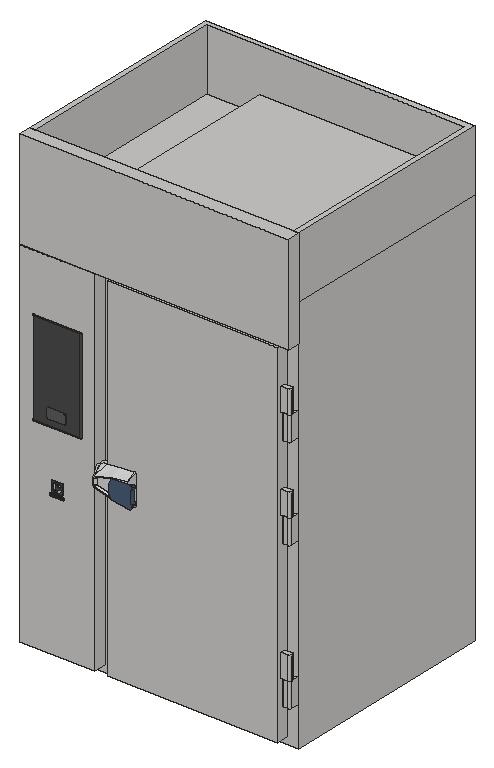
Revit family "QF_ELECTROLUXPROFESSIONAL_727756_EBFA22DE", category Specialty Equipment, Revit 2018
Family settings
  Round Connector Dimension = Use Diameter
  Part Type = Normal
  Work Plane-Based = No
  Always vertical = Yes
  Cut with Voids When Loaded = No
  Shared = Yes
  Room Calculation Point = No
Parameters
  Weight = 0.00 kg
  Watts = 0 W
  Volts = 380 V
  URL Manufacturer = "http://professional.electrolux.com"
  URL = "http://professional.electrolux.com"
  Steam Supply Size = 0"
  Steam Supply Minimum Pressure = 0.00 psi
  Steam Supply Maximum Pressure = 0.00 psi
  Steam Pounds per Hour = 0
  Show Logo [instance] = yes
  Refrigeration Suction Line Size = 0"
  Refrigeration Liquid Line Size = 0"
  Refrigerant Compressor Remote = yes
  Phase = 3
  Model = "EBFA22DE"
  Manufacturer = "Electrolux"
  Length Actual = 1400 mm  # constant formula
  Item Number = "727756"
  Hot Water Size = 1"
  Height Actual = 2470 mm  # constant formula
  HP = "14.9 HP"
  Gas Size = 0"
  Gas KW = 0
  Gas Input Pressure = 0.0 Btu/h
  Direct Waste Size = 3/4"
  Description = "SKYLINE CHILLS BLAST CHILLER FREEZER 200/170KG 20 GN 2/1 - ROLL-IN - DISASSEMBLED"
  Depth Actual = 1266 mm  # constant formula
  Cycle = 50 Hz
  Condensate Return Size = 0"
  Compressed Air Volume = 0 GPM
  Compressed Air Size = 0"
  Compressed Air Pressure = 0.00 psi
  Cold Water Size = 1"
  Assembly Code = ""
  Show Clearance [instance] = yes
  Accessory = yes
Reference planes
  plane 1 "BACK": y = 1
  plane 2: z = 0
  plane 3 "LEFT": x = 0
  plane 4 "RIGHT": x = 1400
  plane 5 "FRONT": y = -1205
  plane 6 "TOP": z = 2400
  plane 7 "Center Y": x = 700
  plane 8: y = -2155
  plane 9: y = -602
Forms (mm)
  Extrusion 1, solid, material "QF_Clearance", visible <- "Show Clearance", detail levels coarse
    sketch origin (0, 0, -70) x (1, 0, 0) y (0, 1, 0)
      loop
        line (0, -1205) -> (0, 1) -> (1400, 1) -> (1400, -1205) -> (1500, -1205) -> (1500, 101) -> (-100, 101) -> (-100, -1205) -> (0, -1205)
    from 70 to 2670
  Extrusion 2, solid, material "QF_Finishes_Stainless Steel"
    sketch origin (349.253, 33, 630.991) x (-1, 0, 0) y (0, -1, 0)
      loop
        line (349.253, 1172.759) -> (349.253, 1238) -> (-39.747, 1238) -> (-39.747, 1172.759) -> (349.253, 1172.759)
    from -597 to 1254
  Extrusion 3, solid, material "QF_Finishes_Stainless Steel"
    sketch origin (596.16, 27.971, -70) x (1, 0, 0) y (0, 1, 0)
      loop
        line (743.84, -1172.971) -> (-141.16, -1172.971) -> (-141.16, -1232.971) -> (743.84, -1232.971) -> (743.84, -1172.971)
    from 103.991 to 1945.25
  Extrusion 4, solid, material "QF_Door-Drawer Clearances", visible <- "Show Clearance", detail levels coarse
    sketch origin (875, -72.029, -91.802) x (-1, 0, 0) y (0, -1, 0)
      loop
        line (-465, 2025.971) -> (-465, 1132.971) -> (420, 1132.971)
        arc (420, 1132.971) -> (153.836, 1754.227) -> (-465, 2025.971) r 920
    from 125.793 to 1967.052
  Extrusion 5, solid, material "QF_Finishes_Stainless Steel"
    sketch origin (0, -1139.759, 0) x (0, 1, 0) y (-1, 0, 0)
      loop
        line (1140.759, 0) -> (0.759, 0) -> (0.759, -1400) -> (1140.759, -1400) -> (1140.759, 0)
    from 0 to 2080
  Extrusion 6, solid, material "QF_Finishes_Stainless Steel"
    sketch origin (0, 0, -70) x (0, 1, 0) y (0, 0, 1)
      loop
        line (-1139, 2470) -> (-1205, 2470) -> (-1205, 1956) -> (-1139, 1956) -> (-1139, 2470)
    from 0 to 1400
  Extrusion 7, solid, material "QF_Finishes_Stainless Steel"
    sketch origin (0, -1139.759, 2080) x (0, 1, 0) y (-1, 0, 0)
      loop
        line (1140.759, 0) -> (0.759, 0) -> (0.759, -27.807) -> (1112.952, -27.807) -> (1112.952, -1372.193) -> (0.759, -1372.193) -> (0.759, -1400) -> (1140.759, -1400) -> (1140.759, 0)
    from 0 to 320
  Extrusion 8, solid, material "QF_Clearance", visible <- "Show Clearance", detail levels coarse
    sketch origin (0, 0, 2400) x (-1, 0, 0) y (0, -1, 0)
      loop
        line (0, 1205) -> (-1400, 1205) -> (-1400, -1) -> (0, -1) -> (0, 1205)
    from 0 to 200
  Extrusion 9, solid, material "QF_Finishes_Stainless Steel"
    sketch origin (-390.239, -0.977, 1172.559) x (1, 0, 0) y (0, 1, 0)
      loop
        line (1730.239, -1159.557) -> (1730.239, -1186.759) -> (1771.078, -1186.759)
        arc (1771.078, -1186.759) -> (1778.149, -1183.83) -> (1781.078, -1176.759) r 10
        line (1781.078, -1176.759) -> (1781.078, -1169.557)
        arc (1781.078, -1169.557) -> (1778.149, -1162.486) -> (1771.078, -1159.557) r 10
        line (1771.078, -1159.557) -> (1730.239, -1159.557)
    from 398 to 516
  Extrusion 10, solid, material "QF_Finishes_Stainless Steel"
    sketch origin (-388.989, -0.977, 1172.559) x (1, 0, 0) y (0, 1, 0)
      loop
        line (1779.828, -1138.023) -> (1738.215, -1138.023) -> (1738.215, -1176.759)
        arc (1738.215, -1176.759) -> (1741.143, -1183.83) -> (1748.215, -1186.759) r 10
        line (1748.215, -1186.759) -> (1769.828, -1186.759)
        arc (1769.828, -1186.759) -> (1776.899, -1183.83) -> (1779.828, -1176.759) r 10
        line (1779.828, -1176.759) -> (1779.828, -1138.023)
    from 269 to 396
  Extrusion 11, solid, material "QF_Finishes_Handrails and Railings"
    sketch origin (0, -1205, -139.705) x (-1, 0, 0) y (0, 0, 1)
      loop
        arc (-455, 1022.346) -> (-433.392, 1027.289) -> (-413, 1035.976) r 124.815
        arc (-413, 1035.976) -> (-402.037, 1046.425) -> (-398, 1061.023) r 28.412
        line (-398, 1061.023) -> (-398, 1124.287)
        arc (-398, 1124.287) -> (-402.037, 1138.885) -> (-413, 1149.334) r 28.412
        arc (-413, 1149.334) -> (-433.392, 1158.021) -> (-455, 1162.964) r 124.815
        line (-455, 1162.964) -> (-455, 1022.346)
    from 0 to 25
  Extrusion 12, solid, material "QF_Finishes_Stainless Steel"
    sketch origin (0, 1, -70) x (1, 0, 0) y (0, 0, 1)
      loop
        circle (50.191, 2279.706) r 10
    from -2 to 0
  Extrusion 13, solid
    sketch origin (0, 0, -70) x (1, 0, 0) y (0, 1, 0)
      loop
        circle (271, -895) r 12.7
    from 180 to 190
  Blend 14, solid, material "QF_Finishes_Handrails and Railings"
    base sketch origin (0, -1205, -139.705) x (1, 0, 0) y (0, 0, 1)
      loop
        arc (455, 1162.964) -> (433.392, 1158.021) -> (413, 1149.334) r 124.815
        arc (413, 1149.334) -> (402.037, 1138.885) -> (398, 1124.287) r 28.412
        line (398, 1124.287) -> (398, 1061.023)
        arc (398, 1061.023) -> (402.037, 1046.425) -> (413, 1035.976) r 28.412
        arc (413, 1035.976) -> (433.392, 1027.289) -> (455, 1022.346) r 124.815
        arc (455, 1022.346) -> (524.77, 1014.896) -> (594.859, 1011.587) r 1185.63
        arc (594.859, 1011.587) -> (600.607, 1013.879) -> (603, 1019.586) r 8
        line (603, 1019.586) -> (603, 1165.724)
        arc (603, 1165.724) -> (600.607, 1171.431) -> (594.859, 1173.723) r 8
        arc (594.859, 1173.723) -> (524.77, 1170.414) -> (455, 1162.964) r 1185.63
    top sketch origin (0, -1205, -139.705) x (1, 0, 0) y (0, 0, 1)
      loop
        line (421, 1108.337) -> (421, 1076.973)
        arc (421, 1076.973) -> (423.295, 1069.915) -> (429.302, 1065.557) r 12
        arc (429.302, 1065.557) -> (515.086, 1044.22) -> (603, 1034.974) r 636.459
        line (603, 1034.974) -> (603, 1150.336)
        arc (603, 1150.336) -> (515.086, 1141.09) -> (429.302, 1119.753) r 636.459
        arc (429.302, 1119.753) -> (423.295, 1115.395) -> (421, 1108.337) r 12
    from 0 to 50
  Blend 15, void
    base sketch origin (0, -1255, -139.705) x (-1, 0, 0) y (0, 0, 1)
      loop
        arc (-430.843, 1114.996) -> (-515.866, 1136.151) -> (-603, 1145.333) r 631.459
        line (-603, 1145.333) -> (-603, 1039.977)
        arc (-603, 1039.977) -> (-515.866, 1049.159) -> (-430.843, 1070.314) r 631.459
        arc (-430.843, 1070.314) -> (-427.339, 1072.856) -> (-426, 1076.973) r 7
        line (-426, 1076.973) -> (-426, 1108.337)
        arc (-426, 1108.337) -> (-427.339, 1112.454) -> (-430.843, 1114.996) r 7
    top sketch origin (0, -1255, -139.705) x (-1, 0, 0) y (0, 0, 1)
      loop
        arc (-432.384, 1110.24) -> (-516.647, 1131.211) -> (-603, 1140.33) r 626.459
        line (-603, 1140.33) -> (-603, 1044.98)
        arc (-603, 1044.98) -> (-516.647, 1054.099) -> (-432.384, 1075.07) r 626.459
        arc (-432.384, 1075.07) -> (-431.382, 1075.797) -> (-431, 1076.973) r 2
        line (-431, 1076.973) -> (-431, 1108.337)
        arc (-431, 1108.337) -> (-431.382, 1109.513) -> (-432.384, 1110.24) r 2
    from 0 to 10
  Blend 16, solid, material "QF_Finishes_Electrolux_Blue"
    base sketch origin (0, -1245, -139.705) x (1, 0, 0) y (0, 0, 1)
      loop
        arc (628.567, 1043.419) -> (622.014, 1092.655) -> (628.567, 1141.89) r 188.232
        arc (628.567, 1141.89) -> (627.358, 1147.991) -> (621.77, 1150.721) r 7
        arc (621.77, 1150.721) -> (572.304, 1148.509) -> (523.16, 1142.458) r 636.459
        arc (523.16, 1142.458) -> (507.711, 1092.655) -> (523.16, 1042.852) r 88
        arc (523.16, 1042.852) -> (572.304, 1036.801) -> (621.77, 1034.589) r 636.459
        arc (621.77, 1034.589) -> (627.358, 1037.319) -> (628.567, 1043.419) r 7
    top sketch origin (0, -1245, -139.705) x (1, 0, 0) y (0, 0, 1)
      loop
        arc (626.748, 1050.703) -> (622.014, 1092.655) -> (626.748, 1134.607) r 188.232
        arc (626.748, 1134.607) -> (625.775, 1138.85) -> (621.845, 1140.722) r 5
        arc (621.845, 1140.722) -> (569.023, 1138.185) -> (516.603, 1131.203) r 626.459
        arc (516.603, 1131.203) -> (507.711, 1092.655) -> (516.603, 1054.107) r 88
        arc (516.603, 1054.107) -> (569.023, 1047.124) -> (621.845, 1044.588) r 626.459
        arc (621.845, 1044.588) -> (625.775, 1046.46) -> (626.748, 1050.703) r 5
    from 20 to 0
  Extrusion 17, solid, material "QF_Finishes_Stainless Steel"
    sketch origin (-390.239, -0.977, 692.559) x (1, 0, 0) y (0, 1, 0)
      loop
        line (1730.239, -1159.557) -> (1730.239, -1186.759) -> (1771.078, -1186.759)
        arc (1771.078, -1186.759) -> (1778.149, -1183.83) -> (1781.078, -1176.759) r 10
        line (1781.078, -1176.759) -> (1781.078, -1169.557)
        arc (1781.078, -1169.557) -> (1778.149, -1162.486) -> (1771.078, -1159.557) r 10
        line (1771.078, -1159.557) -> (1730.239, -1159.557)
    from 398 to 516
  Extrusion 18, solid, material "QF_Finishes_Stainless Steel"
    sketch origin (-388.989, -0.977, 692.559) x (1, 0, 0) y (0, 1, 0)
      loop
        line (1779.828, -1138.023) -> (1738.215, -1138.023) -> (1738.215, -1176.759)
        arc (1738.215, -1176.759) -> (1741.143, -1183.83) -> (1748.215, -1186.759) r 10
        line (1748.215, -1186.759) -> (1769.828, -1186.759)
        arc (1769.828, -1186.759) -> (1776.899, -1183.83) -> (1779.828, -1176.759) r 10
        line (1779.828, -1176.759) -> (1779.828, -1138.023)
    from 269 to 396
  Extrusion 19, solid, material "QF_Finishes_Stainless Steel"
    sketch origin (-390.239, -0.977, -67.441) x (1, 0, 0) y (0, 1, 0)
      loop
        line (1730.239, -1159.557) -> (1730.239, -1186.759) -> (1771.078, -1186.759)
        arc (1771.078, -1186.759) -> (1778.149, -1183.83) -> (1781.078, -1176.759) r 10
        line (1781.078, -1176.759) -> (1781.078, -1169.557)
        arc (1781.078, -1169.557) -> (1778.149, -1162.486) -> (1771.078, -1159.557) r 10
        line (1771.078, -1159.557) -> (1730.239, -1159.557)
    from 398 to 516
  Extrusion 20, solid, material "QF_Finishes_Stainless Steel"
    sketch origin (-388.989, -0.977, -67.441) x (1, 0, 0) y (0, 1, 0)
      loop
        line (1779.828, -1138.023) -> (1738.215, -1138.023) -> (1738.215, -1176.759)
        arc (1738.215, -1176.759) -> (1741.143, -1183.83) -> (1748.215, -1186.759) r 10
        line (1748.215, -1186.759) -> (1769.828, -1186.759)
        arc (1769.828, -1186.759) -> (1776.899, -1183.83) -> (1779.828, -1176.759) r 10
        line (1779.828, -1176.759) -> (1779.828, -1138.023)
    from 269 to 396
  Extrusion 21, solid, material "QF_Door-Drawer Clearances", visible <- "Show Clearance", detail levels coarse
    sketch origin (167.029, -1956.84, -70) x (0, 1, 0) y (-1, 0, 0)
      loop
        line (751.84, -1172.971) -> (-141.16, -1172.971) -> (-141.16, -1232.971) -> (751.84, -1232.971) -> (751.84, -1172.971)
    from 103.991 to 1945.25
  Extrusion 22, solid, material "QF_Door-Drawer Clearances", visible <- "Show Clearance", detail levels coarse
    sketch origin (1400, -2553, -139.705) x (0, -1, 0) y (0, 0, 1)
      loop
        arc (-455, 1022.346) -> (-433.392, 1027.289) -> (-413, 1035.976) r 124.815
        arc (-413, 1035.976) -> (-402.037, 1046.425) -> (-398, 1061.023) r 28.412
        line (-398, 1061.023) -> (-398, 1124.287)
        arc (-398, 1124.287) -> (-402.037, 1138.885) -> (-413, 1149.334) r 28.412
        arc (-413, 1149.334) -> (-433.392, 1158.021) -> (-455, 1162.964) r 124.815
        line (-455, 1162.964) -> (-455, 1022.346)
    from 0 to 25
  Blend 23, solid, material "QF_Door-Drawer Clearances", visible <- "Show Clearance", detail levels coarse
    base sketch origin (1400, -2553, -139.705) x (0, 1, 0) y (0, 0, 1)
      loop
        arc (455, 1162.964) -> (433.392, 1158.021) -> (413, 1149.334) r 124.815
        arc (413, 1149.334) -> (402.037, 1138.885) -> (398, 1124.287) r 28.412
        line (398, 1124.287) -> (398, 1061.023)
        arc (398, 1061.023) -> (402.037, 1046.425) -> (413, 1035.976) r 28.412
        arc (413, 1035.976) -> (433.392, 1027.289) -> (455, 1022.346) r 124.815
        arc (455, 1022.346) -> (524.77, 1014.896) -> (594.859, 1011.587) r 1185.63
        arc (594.859, 1011.587) -> (600.607, 1013.879) -> (603, 1019.586) r 8
        line (603, 1019.586) -> (603, 1165.724)
        arc (603, 1165.724) -> (600.607, 1171.431) -> (594.859, 1173.723) r 8
        arc (594.859, 1173.723) -> (524.77, 1170.414) -> (455, 1162.964) r 1185.63
    top sketch origin (1400, -2553, -139.705) x (0, 1, 0) y (0, 0, 1)
      loop
        line (421, 1108.337) -> (421, 1076.973)
        arc (421, 1076.973) -> (423.295, 1069.915) -> (429.302, 1065.557) r 12
        arc (429.302, 1065.557) -> (515.086, 1044.22) -> (603, 1034.974) r 636.459
        line (603, 1034.974) -> (603, 1150.336)
        arc (603, 1150.336) -> (515.086, 1141.09) -> (429.302, 1119.753) r 636.459
        arc (429.302, 1119.753) -> (423.295, 1115.395) -> (421, 1108.337) r 12
    from 0 to 50
  Blend 24, void
    base sketch origin (1450, -2553, -139.705) x (0, -1, 0) y (0, 0, 1)
      loop
        arc (-430.843, 1114.996) -> (-515.866, 1136.151) -> (-603, 1145.333) r 631.459
        line (-603, 1145.333) -> (-603, 1039.977)
        arc (-603, 1039.977) -> (-515.866, 1049.159) -> (-430.843, 1070.314) r 631.459
        arc (-430.843, 1070.314) -> (-427.339, 1072.856) -> (-426, 1076.973) r 7
        line (-426, 1076.973) -> (-426, 1108.337)
        arc (-426, 1108.337) -> (-427.339, 1112.454) -> (-430.843, 1114.996) r 7
    top sketch origin (1450, -2553, -139.705) x (0, -1, 0) y (0, 0, 1)
      loop
        arc (-432.384, 1110.24) -> (-516.647, 1131.211) -> (-603, 1140.33) r 626.459
        line (-603, 1140.33) -> (-603, 1044.98)
        arc (-603, 1044.98) -> (-516.647, 1054.099) -> (-432.384, 1075.07) r 626.459
        arc (-432.384, 1075.07) -> (-431.382, 1075.797) -> (-431, 1076.973) r 2
        line (-431, 1076.973) -> (-431, 1108.337)
        arc (-431, 1108.337) -> (-431.382, 1109.513) -> (-432.384, 1110.24) r 2
    from 0 to 10
  Blend 25, solid, material "QF_Door-Drawer Clearances", visible <- "Show Clearance", detail levels coarse
    base sketch origin (1440, -2553, -139.705) x (0, 1, 0) y (0, 0, 1)
      loop
        arc (628.567, 1043.419) -> (622.014, 1092.655) -> (628.567, 1141.89) r 188.232
        arc (628.567, 1141.89) -> (627.358, 1147.991) -> (621.77, 1150.721) r 7
        arc (621.77, 1150.721) -> (572.304, 1148.509) -> (523.16, 1142.458) r 636.459
        arc (523.16, 1142.458) -> (507.711, 1092.655) -> (523.16, 1042.852) r 88
        arc (523.16, 1042.852) -> (572.304, 1036.801) -> (621.77, 1034.589) r 636.459
        arc (621.77, 1034.589) -> (627.358, 1037.319) -> (628.567, 1043.419) r 7
    top sketch origin (1440, -2553, -139.705) x (0, 1, 0) y (0, 0, 1)
      loop
        arc (626.748, 1050.703) -> (622.014, 1092.655) -> (626.748, 1134.607) r 188.232
        arc (626.748, 1134.607) -> (625.775, 1138.85) -> (621.845, 1140.722) r 5
        arc (621.845, 1140.722) -> (569.023, 1138.185) -> (516.603, 1131.203) r 626.459
        arc (516.603, 1131.203) -> (507.711, 1092.655) -> (516.603, 1054.107) r 88
        arc (516.603, 1054.107) -> (569.023, 1047.124) -> (621.845, 1044.588) r 626.459
        arc (621.845, 1044.588) -> (625.775, 1046.46) -> (626.748, 1050.703) r 5
    from 20 to -1
  Extrusion 26, solid, material "QF_Finishes_Stainless Steel"
    sketch origin (0, -1139.759, 2080) x (0, 1, 0) y (-1, 0, 0)
      loop
        line (1028.497, -361.186) -> (882.552, -361.186) -> (882.552, -544.235) -> (1028.497, -544.235) -> (1028.497, -361.186)
    from 0 to 50
  Extrusion 27, solid, material "QF_Finishes_Stainless Steel"
    sketch origin (0, -1139.759, 2080) x (0, 1, 0) y (-1, 0, 0)
      loop
        line (1099.749, -314.157) -> (154.819, -314.157) -> (154.819, -1281.35) -> (1099.749, -1281.35) -> (1099.749, -314.157)
    from 0 to 100
  Extrusion 28, solid, material "QF_Finishes_Stainless Steel"
    sketch origin (544.235, -111.262, 2080) x (0, -1, 0) y (0, 0, -1)
      loop
        circle (122.974, -25) r 12.5
      loop
        circle (23.998, -25) r 12.5
    from 0 to 30
Cuts and joins
  Blend 15 cuts Blend 14
  joined: Extrusion 11, Blend 14
  Blend 15 cuts Extrusion 4
  Blend 24 cuts Blend 23
  Blend 24 cuts Blend 25
  joined: Extrusion 4, Extrusion 21, Extrusion 22, Blend 23, Blend 25
  joined: Extrusion 7, Extrusion 12
  joined: Extrusion 5, Extrusion 10, Extrusion 18, Extrusion 20, Extrusion 27
  joined: Extrusion 3, Extrusion 9, Extrusion 17, Extrusion 19
  joined: Extrusion 1, Extrusion 8
  joined: Extrusion 26, Extrusion 28
Lines and regions (mm)
  symbolic lines, style "QF-Clearances", visible <- "Show Clearance", detail levels coarse
    curve 1: line (-100, -1204.241, 70) -> (-100, 101, 70)
    curve 2: line (-100, 101, 70) -> (1500, 101, 70)
    curve 3: line (1500, 101, 70) -> (1500, -1204.241, 70)
  symbolic lines
    curve 4: line (0, 1, 70) -> (1400, 1, 70)
    curve 5: line (0, -1205, 70) -> (0, 1, 70)
    curve 6: line (1400, -1205, 70) -> (0, -1205, 70)
    curve 7: line (1400, 1, 70) -> (1400, -1205, 70)
    curve 8: line (27.807, -26.807, 70) -> (1372.193, -26.807, 70)
    curve 9: line (27.807, -1139, 70) -> (27.807, -26.807, 70)
    curve 10: line (1400, -1139, 70) -> (0, -1139, 70)
    curve 11: line (1372.193, -26.807, 70) -> (1372.193, -1139, 70)
    curve 12: line (75.5, -1210, 70) -> (313.5, -1210, 70)
    curve 13: line (75.5, -1210, 70) -> (67.5, -1205, 70)
    curve 14: line (313.5, -1210, 70) -> (321.5, -1205, 70)
    curve 15: line (421, -1255, 70) -> (398, -1205, 70)
    curve 16: line (421, -1255, 70) -> (603, -1255, 70)
    curve 17: line (603, -1255, 70) -> (603, -1205, 70)
    curve 18: line (603, -1245, 70) -> (626.748, -1245, 70)
    curve 19: line (626.748, -1245, 70) -> (628.811, -1265, 70)
    curve 20: line (628.811, -1265, 70) -> (507.711, -1265, 70)
    curve 21: line (507.711, -1265, 70) -> (507.711, -1255, 70)
    curve 35: line (314.157, -40.01, 70) -> (1281.35, -40.01, 70)
    curve 36: line (314.157, -984.941, 70) -> (314.157, -40.01, 70)
    curve 37: line (1281.35, -984.941, 70) -> (314.157, -984.941, 70)
    curve 38: line (1281.35, -40.01, 70) -> (1281.35, -984.941, 70)
  symbolic lines, style "QF_Door-Drawer Clearances", visible <- "Show Clearance"
    curve 22: line (1450, -2132, 70) -> (1400, -2155, 70)
    curve 23: line (1450, -2132, 70) -> (1450, -1950, 70)
    curve 24: line (1450, -1950, 70) -> (1400, -1950, 70)
    curve 25: line (1439, -1950, 70) -> (1439, -1926.126, 70)
    curve 26: line (1439, -1926.126, 70) -> (1460, -1924.189, 70)
    curve 27: line (1460, -1924.189, 70) -> (1460, -2045.289, 70)
    curve 28: line (1460, -2045.289, 70) -> (1450, -2045.289, 70)
    curve 29: line (1375, -2098, 70) -> (1375, -2155, 70)
    curve 30: line (1340, -2098, 70) -> (1400, -2098, 70)
    curve 31: arc (457.796, -1255, 70) -> (739.031, -1843.801, 70) -> (1340, -2098, 70) r 920
    curve 32: line (1400, -2155, 70) -> (1375, -2155, 70)
    curve 33: line (1400, -2098, 70) -> (1400, -1205, 70)
    curve 34: line (1340, -2098, 70) -> (1340, -1205, 70)
  symbolic lines, style "SpecialityEquipmentHiddenLines"
    curve 39: line (361.186, -111.262, 70) -> (544.235, -111.262, 70)
    curve 40: line (361.186, -257.207, 70) -> (361.186, -111.262, 70)
    curve 41: line (544.235, -257.207, 70) -> (361.186, -257.207, 70)
    curve 42: line (544.235, -111.262, 70) -> (544.235, -257.207, 70)
    curve 43: line (574.235, -147.761, 70) -> (574.235, -122.761, 70)
    curve 44: line (574.235, -122.761, 70) -> (544.235, -122.761, 70)
    curve 45: line (574.235, -147.761, 70) -> (544.235, -147.761, 70)
    curve 46: line (574.235, -246.737, 70) -> (544.235, -246.737, 70)
    curve 47: line (574.235, -221.737, 70) -> (544.235, -221.737, 70)
    curve 48: line (574.235, -221.737, 70) -> (574.235, -246.737, 70)
Dimensions and locks
  plane 5 "FRONT" to plane 1 "BACK" = 1206 mm
  plane 6 "TOP" to level = 2400 mm
  plane 4 "RIGHT" to plane 3 "LEFT" = 1400 mm
  plane 3 "LEFT" to plane 4 "RIGHT" = 1400 mm
  equal spacing: plane 3 "LEFT", plane 7 "Center Y", plane 4 "RIGHT"
  equal spacing: plane 1 "BACK", plane 9, plane 5 "FRONT"
  aligned and locked: level to plane 2
Automatic sketch dimensions
  plane 5 "FRONT" to Extrusion 1 sketch curve = 0 mm  (x2)
  Extrusion 1 sketch curve to plane 3 "LEFT" = 0 mm
  plane 1 "BACK" to Extrusion 1 sketch curve = 0 mm
  Extrusion 1 sketch curve to plane 4 "RIGHT" = 0 mm
  Extrusion 1 sketch curve to plane 3 "LEFT" = 100 mm
  plane 4 "RIGHT" to Extrusion 1 sketch curve = 100 mm
  Extrusion 1 sketch curve to plane 1 "BACK" = 100 mm
  plane 5 "FRONT" to Extrusion 2 sketch curve = 0 mm
  Extrusion 2 sketch curve to plane 3 "LEFT" = 0 mm
  Extrusion 2 sketch curve to plane 5 "FRONT" = 65.241 mm
  plane 5 "FRONT" to Extrusion 3 sketch curve = 0 mm
  Extrusion 3 sketch curve to plane 5 "FRONT" = 60 mm
  Extrusion 3 sketch curve to plane 4 "RIGHT" = 60 mm
  plane 5 "FRONT" to Extrusion 4 sketch curve = 0 mm
  Extrusion 4 sketch curve to plane 4 "RIGHT" = 25.377 mm
  Extrusion 4 sketch curve to Extrusion 4 sketch curve = 34.623 mm
  Extrusion 4 sketch curve to plane 5 "FRONT" = 26.348 mm
  Extrusion 5 sketch curve to plane 3 "LEFT" = 0 mm
  Extrusion 5 sketch curve to plane 4 "RIGHT" = 0 mm
  plane 1 "BACK" to Extrusion 5 sketch curve = 0 mm
  Extrusion 5 sketch curve to plane 5 "FRONT" = 66 mm
  Extrusion 6 sketch curve to plane 5 "FRONT" = 0 mm
  Extrusion 6 sketch curve to plane 5 "FRONT" = 66 mm
  Extrusion 6 sketch curve to plane 6 "TOP" = 514 mm
  plane 6 "TOP" to Extrusion 6 sketch curve = 0 mm
  Extrusion 5 to Extrusion 7 sketch curve = 0 mm
  Extrusion 7 sketch curve to Extrusion 5 = 0 mm  (x4)
  Extrusion 7 sketch curve to Extrusion 5 = 27.807 mm  (x3)
  Extrusion 8 sketch curve to plane 4 "RIGHT" = 0 mm
  plane 1 "BACK" to Extrusion 8 sketch curve = 0 mm
  Extrusion 8 sketch curve to plane 3 "LEFT" = 0 mm
  plane 5 "FRONT" to Extrusion 8 sketch curve = 0 mm
  Extrusion 9 sketch curve to plane 5 "FRONT" = 17.264 mm
  Extrusion 9 sketch curve to plane 4 "RIGHT" = 60 mm
  Extrusion 9 sketch curve to plane 4 "RIGHT" = 19.161 mm
  Extrusion 9 sketch curve to Extrusion 9 sketch curve = 0 mm
  Extrusion 9 sketch curve to plane 4 "RIGHT" = 9.161 mm
  Extrusion 9 sketch curve to Extrusion 9 sketch curve = 7.202 mm
  Extrusion 10 sketch curve to plane 5 "FRONT" = 27.264 mm
  Extrusion 10 sketch curve to plane 4 "RIGHT" = 50.775 mm
  Extrusion 10 sketch curve to Extrusion 10 sketch curve = 10 mm
  Extrusion 10 sketch curve to plane 4 "RIGHT" = 19.161 mm
  Extrusion 10 sketch curve to plane 4 "RIGHT" = 9.161 mm
  Extrusion 10 sketch curve to Extrusion 10 sketch curve = 38.736 mm
  plane 7 "Center Y" to Extrusion 11 sketch curve = 228.081 mm
  Extrusion 11 sketch curve to Extrusion 11 sketch curve = 0 mm
  Extrusion 11 sketch curve to Extrusion 11 sketch curve = 16.919 mm
  Extrusion 11 sketch curve to Extrusion 11 sketch curve = 28.588 mm  (x2)
  Extrusion 11 sketch curve to Extrusion 11 sketch curve = 28.412 mm
  level to Extrusion 11 sketch curve = 882.641 mm
  Extrusion 11 sketch curve to Extrusion 11 sketch curve = 16.954 mm  (x2)
  Extrusion 11 sketch curve to Extrusion 11 sketch curve = 38.676 mm
  Extrusion 11 sketch curve to Extrusion 11 sketch curve = 63.265 mm
  Extrusion 11 sketch curve to Extrusion 11 sketch curve = 21.722 mm
  plane 3 "LEFT" to Extrusion 12 sketch curve = 50.191 mm
  Extrusion 12 sketch curve to plane 6 "TOP" = 190.294 mm
  Extrusion 13 sketch curve to plane 9 = 293 mm
  Blend 14 sketch curve to Extrusion 11 = 0 mm  (x4)
  Blend 14 sketch curve to Extrusion 11 = 28.412 mm
  Blend 14 sketch curve to Blend 14 sketch curve = 123.081 mm  (x2)
  Blend 14 sketch curve to Blend 14 sketch curve = 8 mm
  Extrusion 11 to Blend 14 sketch curve = 160.712 mm  (x2)
  Blend 14 sketch curve to Blend 14 sketch curve = 19.715 mm  (x2)
  Blend 14 sketch curve to Blend 14 sketch curve = 38.676 mm
  Blend 14 sketch curve to Extrusion 11 = 23 mm
  Blend 14 sketch curve to Blend 14 sketch curve = 12 mm  (x2)
  Extrusion 11 to Blend 14 sketch curve = 148 mm
  Extrusion 11 to Blend 14 sketch curve = 170.45 mm  (x2)
  Blend 14 sketch curve to Blend 14 sketch curve = 520.701 mm  (x2)
  Blend 14 sketch curve to Blend 14 sketch curve = 41.999 mm
  Blend 14 sketch curve to Blend 14 sketch curve = 31.364 mm
  Blend 14 sketch curve to Blend 14 sketch curve = 115.362 mm
  Blend 14 to Blend 15 sketch curve = 0 mm  (x2)
  Blend 15 sketch curve to Blend 15 sketch curve = 7 mm
  Blend 15 sketch curve to Blend 15 sketch curve = 31.364 mm  (x2)
  Blend 15 sketch curve to Blend 15 sketch curve = 2 mm
  Blend 15 to Blend 16 sketch curve = 18.811 mm  (x2)
  Blend 16 sketch curve to Blend 15 = 7.289 mm  (x2)
  Blend 16 sketch curve to Blend 16 sketch curve = 188.435 mm
  Blend 16 sketch curve to Blend 16 sketch curve = 7 mm  (x2)
  Blend 16 sketch curve to Blend 16 sketch curve = 51.066 mm  (x2)
  Blend 16 sketch curve to Blend 16 sketch curve = 0 mm  (x6)
  Blend 16 sketch curve to Blend 15 = 79.84 mm
  Blend 15 to Blend 16 sketch curve = 18.874 mm  (x2)
  Blend 16 sketch curve to Blend 16 sketch curve = 188.371 mm
  Blend 16 sketch curve to Blend 16 sketch curve = 5 mm  (x2)
  Blend 16 sketch curve to Blend 16 sketch curve = 43.067 mm  (x2)
  Blend 16 sketch curve to Blend 15 = 85.603 mm
  Extrusion 17 sketch curve to plane 5 "FRONT" = 17.264 mm
  Extrusion 17 sketch curve to plane 4 "RIGHT" = 60 mm
  Extrusion 17 sketch curve to plane 4 "RIGHT" = 19.161 mm
  Extrusion 17 sketch curve to Extrusion 17 sketch curve = 0 mm
  Extrusion 17 sketch curve to plane 4 "RIGHT" = 9.161 mm
  Extrusion 17 sketch curve to Extrusion 17 sketch curve = 7.202 mm
  Extrusion 18 sketch curve to plane 5 "FRONT" = 27.264 mm
  Extrusion 18 sketch curve to plane 4 "RIGHT" = 50.775 mm
  Extrusion 18 sketch curve to Extrusion 18 sketch curve = 10 mm
  Extrusion 18 sketch curve to plane 4 "RIGHT" = 19.161 mm
  Extrusion 18 sketch curve to plane 4 "RIGHT" = 9.161 mm
  Extrusion 18 sketch curve to Extrusion 18 sketch curve = 38.736 mm
  Extrusion 19 sketch curve to plane 5 "FRONT" = 17.264 mm
  Extrusion 19 sketch curve to plane 4 "RIGHT" = 60 mm
  Extrusion 19 sketch curve to plane 4 "RIGHT" = 19.161 mm
  Extrusion 19 sketch curve to Extrusion 19 sketch curve = 0 mm
  Extrusion 19 sketch curve to plane 4 "RIGHT" = 9.161 mm
  Extrusion 19 sketch curve to Extrusion 19 sketch curve = 7.202 mm
  Extrusion 20 sketch curve to plane 5 "FRONT" = 27.264 mm
  Extrusion 20 sketch curve to plane 4 "RIGHT" = 50.775 mm
  Extrusion 20 sketch curve to Extrusion 20 sketch curve = 10 mm
  Extrusion 20 sketch curve to plane 4 "RIGHT" = 19.161 mm
  Extrusion 20 sketch curve to plane 4 "RIGHT" = 9.161 mm
  Extrusion 20 sketch curve to Extrusion 20 sketch curve = 38.736 mm
  Extrusion 21 sketch curve to plane 4 "RIGHT" = 0 mm
  plane 5 "FRONT" to Extrusion 21 sketch curve = 0 mm
  Extrusion 21 sketch curve to plane 8 = 57 mm
  Extrusion 21 sketch curve to plane 4 "RIGHT" = 60 mm
  Extrusion 22 sketch curve to plane 8 = 0 mm
  Extrusion 22 sketch curve to Extrusion 22 sketch curve = 28.412 mm  (x2)
  Extrusion 22 sketch curve to Extrusion 22 sketch curve = 28.588 mm
  Extrusion 22 sketch curve to Extrusion 22 sketch curve = 16.919 mm  (x2)
  level to Extrusion 22 sketch curve = 882.641 mm
  Extrusion 22 sketch curve to Extrusion 22 sketch curve = 16.954 mm  (x2)
  Extrusion 22 sketch curve to Extrusion 22 sketch curve = 38.676 mm
  Extrusion 22 sketch curve to Extrusion 22 sketch curve = 63.265 mm
  Extrusion 22 sketch curve to Extrusion 22 sketch curve = 21.722 mm
  Blend 23 sketch curve to Extrusion 22 = 0 mm  (x4)
  Blend 23 sketch curve to Extrusion 22 = 28.412 mm
  Blend 23 sketch curve to Blend 23 sketch curve = 123.081 mm  (x2)
  Blend 23 sketch curve to Blend 23 sketch curve = 8 mm
  Extrusion 22 to Blend 23 sketch curve = 160.712 mm  (x2)
  Blend 23 sketch curve to Blend 23 sketch curve = 19.715 mm  (x2)
  Blend 23 sketch curve to Blend 23 sketch curve = 38.676 mm
  Blend 23 sketch curve to Extrusion 22 = 23 mm
  Blend 23 sketch curve to Blend 23 sketch curve = 12 mm  (x2)
  Extrusion 22 to Blend 23 sketch curve = 148 mm
  Extrusion 22 to Blend 23 sketch curve = 170.45 mm  (x2)
  Blend 23 sketch curve to Blend 23 sketch curve = 520.701 mm  (x2)
  Blend 23 sketch curve to Blend 23 sketch curve = 41.999 mm
  Blend 23 sketch curve to Blend 23 sketch curve = 31.364 mm
  Blend 23 sketch curve to Blend 23 sketch curve = 115.362 mm
  Blend 24 sketch curve to Blend 23 = 0 mm  (x2)
  Blend 24 sketch curve to Blend 24 sketch curve = 7 mm
  Blend 24 sketch curve to Blend 24 sketch curve = 31.364 mm  (x2)
  Blend 24 sketch curve to Blend 24 sketch curve = 2 mm
  Blend 24 to Blend 25 sketch curve = 18.811 mm  (x2)
  Blend 25 sketch curve to Blend 24 = 7.289 mm  (x2)
  Blend 25 sketch curve to Blend 25 sketch curve = 188.435 mm
  Blend 25 sketch curve to Blend 25 sketch curve = 7 mm  (x2)
  Blend 25 sketch curve to Blend 25 sketch curve = 51.066 mm  (x2)
  Blend 25 sketch curve to Blend 25 sketch curve = 0 mm  (x6)
  Blend 25 sketch curve to Blend 24 = 79.84 mm
  Blend 24 to Blend 25 sketch curve = 18.874 mm  (x2)
  Blend 25 sketch curve to Blend 25 sketch curve = 188.371 mm
  Blend 25 sketch curve to Blend 25 sketch curve = 5 mm  (x2)
  Blend 25 sketch curve to Blend 25 sketch curve = 43.067 mm  (x2)
  Blend 25 sketch curve to Blend 24 = 85.603 mm
  plane 7 "Center Y" to Extrusion 2 sketch curve = 311 mm
  plane 7 "Center Y" to Extrusion 3 sketch curve = 245 mm
  plane 7 "Center Y" to Extrusion 4 sketch curve = 245 mm
  plane 3 "LEFT" to Extrusion 13 sketch curve = 271 mm
  Extrusion 27 sketch curve to Extrusion 5 = 154.059 mm
  Extrusion 27 sketch curve to Extrusion 5 = 41.01 mm
  Extrusion 27 sketch curve to Extrusion 5 = 118.65 mm
  Extrusion 27 sketch curve to Extrusion 5 = 314.157 mm
  Extrusion 26 sketch curve to Extrusion 5 = 258.207 mm
  Extrusion 26 sketch curve to Extrusion 5 = 112.262 mm
  Extrusion 26 sketch curve to Extrusion 5 = 544.235 mm
  Extrusion 26 sketch curve to Extrusion 26 sketch curve = 183.049 mm
  Extrusion 28 sketch curve to Extrusion 26 = 23.998 mm
  Extrusion 28 sketch curve to Extrusion 26 = 22.971 mm
  Extrusion 26 to Extrusion 28 sketch curve = 25 mm  (x2)
  plane 8 to curve 29 = 0 mm
  curve 33 to plane 4 "RIGHT" = 0 mm
  plane 5 "FRONT" to curve 15 = 0 mm
  curve 10 to plane 3 "LEFT" = 0 mm
  plane 1 "BACK" to curve 7 = 0 mm
  curve 22 to plane 4 "RIGHT" = 0 mm
  curve 22 to plane 8 = 23 mm
  curve 22 to curve 33 = 57 mm
  curve 30 to curve 28 = 52.711 mm
  curve 28 to curve 24 = 95.289 mm
  plane 4 "RIGHT" to curve 26 = 39 mm
  curve 25 to curve 26 = 23.874 mm
  curve 25 to curve 27 = 1.937 mm
  plane 5 "FRONT" to curve 19 = 60 mm
  plane 5 "FRONT" to curve 15 = 50 mm
  curve 19 to curve 18 = 20 mm
  plane 5 "FRONT" to curve 12 = 5 mm
  curve 31 to plane 5 "FRONT" = 26.348 mm
  curve 31 to curve 37 = 193.711 mm
  plane 1 "BACK" to curve 41 = 258.207 mm
  curve 41 to curve 43 = 109.446 mm
  curve 43 to curve 43 = 25 mm
  plane 1 "BACK" to curve 39 = 112.262 mm
  plane 1 "BACK" to curve 36 = 41.01 mm
  plane 1 "BACK" to curve 8 = 27.807 mm
  curve 2 to plane 1 "BACK" = 100 mm
  curve 24 to curve 25 = 11 mm
  curve 26 to curve 25 = 21 mm
  plane 4 "RIGHT" to curve 2 = 100 mm
  curve 22 to curve 29 = 25 mm
  curve 31 to plane 4 "RIGHT" = 25.377 mm
  curve 8 to plane 4 "RIGHT" = 27.807 mm
  curve 29 to curve 30 = 35 mm
  curve 38 to plane 4 "RIGHT" = 118.65 mm
  plane 7 "Center Y" to curve 19 = 71.189 mm
  curve 19 to curve 18 = 2.062 mm
  curve 18 to curve 17 = 23.748 mm
  plane 7 "Center Y" to curve 43 = 125.765 mm
  curve 43 to curve 41 = 30 mm
  curve 21 to curve 31 = 49.915 mm
  curve 31 to curve 16 = 36.796 mm
  curve 41 to curve 40 = 183.049 mm
  curve 15 to curve 37 = 106.843 mm
  curve 15 to curve 14 = 107.5 mm
  plane 3 "LEFT" to curve 12 = 75.5 mm
  plane 3 "LEFT" to curve 8 = 27.807 mm
  curve 1 to plane 3 "LEFT" = 100 mm
  curve 3 to plane 5 "FRONT" = 0.759 mm
  curve 1 to plane 5 "FRONT" = 0.759 mm
  curve 9 to plane 5 "FRONT" = 66 mm
  curve 41 to curve 46 = 10.471 mm
  curve 46 to curve 48 = 25 mm
  curve 46 to curve 46 = 30 mm
  curve 15 to curve 15 = 23 mm
  curve 14 to curve 12 = 8 mm
  curve 12 to curve 13 = 8 mm
  radius of Extrusion 12 sketch curve = 10 mm
  radius of Extrusion 13 sketch curve = 12.7 mm
  radius of Blend 14 sketch curve to Extrusion 11 = 0 mm  (x3)
  radius of Blend 15 sketch curve to Blend 14 = 5 mm  (x3)
  radius of Blend 15 sketch curve to Blend 14 = 10 mm  (x3)
  radius of Blend 15 to Blend 16 sketch curve = 10 mm  (x2)
  radius of Blend 16 sketch curve to Blend 15 = 0 mm  (x2)
  radius of Blend 23 sketch curve to Extrusion 22 = 0 mm  (x3)
  radius of Blend 24 sketch curve to Blend 23 = 5 mm  (x3)
  radius of Blend 24 sketch curve to Blend 23 = 10 mm  (x3)
  radius of Blend 24 to Blend 25 sketch curve = 10 mm  (x2)
  radius of Blend 25 sketch curve to Blend 24 = 0 mm  (x2)
  radius of Extrusion 28 sketch curve = 12.5 mm  (x2)
Nested families
  nested 1: "ELX_Touch" at (194.5, -1205, 1338.103) x (1, 0, 0) z (0, -1, 0), type "ELX_Touch"
  nested 2: "ELX_Logo_S_New" at (194.5, -1205, 779.103) x (1, 0, 0) z (0, -1, 0), visible <- "Show Logo", type "ELX_Logo_S_New"
    with M QF_Finishes_Black
  nested 3: "ELX_Logo_Symbol" at (194.5, -1205, 819.103) x (1, 0, 0) z (0, -1, 0), visible <- "Show Logo", type "ELX_Logo_Symbol"
    with M QF_Finishes_Black
Connectors
  piping at (271, -895, 110), diameter 25.4
    settings: on Extrusion 13, index 5, connector inside diameter 24", connector length 0 mm, flow factor 0, pipe flow 0 GPM, pressure drop 0.00 psi, fitting loss kfactor 0, connector angle 0.00°, fixture units 0, engagement length 0 mm, angle of deflection 0.00°, flow configuration 1, flow direction 2, fitting loss method 0, system type 16, joint type 0, gender type 0, connector reference index -1, connector utility 0, adjustable connector no, is connector primary yes, connector description "Drain"
  electrical at (50.191, 3, 2209.706), driven by "Volts"
    settings: on Extrusion 12, index 6, voltage 380 V, apparent load 0 VA, apparent load phase1 0 VA, apparent load phase2 0 VA, apparent load phase3 0 VA, power factor 1, load classification "Altro", number of poles 1, system type 30, power factor state 1, is connector primary yes, connector utility no, sub classification motor no, connector description "Electrical Connection"
  piping at (574.235, -234.237, 2105), diameter 25
    settings: on cut or joined group of Extrusion 26, Extrusion 28, index 7, connector inside diameter 24", connector length 0 mm, flow factor 0, pipe flow 0 GPM, pressure drop 0.00 psi, fitting loss kfactor 0, connector angle 0.00°, fixture units 0, engagement length 0 mm, angle of deflection 0.00°, flow configuration 1, flow direction 1, fitting loss method 0, system type 7, joint type 0, gender type 0, connector reference index -1, connector utility 0, adjustable connector no, is connector primary no, connector description "Water Inlet Cooling"
  piping at (574.235, -135.261, 2105), diameter 25
    settings: on cut or joined group of Extrusion 26, Extrusion 28, index 8, connector inside diameter 24", connector length 0 mm, flow factor 0, pipe flow 0 GPM, pressure drop 0.00 psi, fitting loss kfactor 0, connector angle 0.00°, fixture units 0, engagement length 0 mm, angle of deflection 0.00°, flow configuration 1, flow direction 1, fitting loss method 0, system type 8, joint type 0, gender type 0, connector reference index -1, connector utility 0, adjustable connector no, is connector primary no, connector description "Water Outlet Cooling"
Definition of nested family "ELX_Touch"
  Parameters
    Default Elevation = 1219.2 mm
  Reference planes
    plane 1 "Centro (Fronte/Retro)": y = 0
    plane 2: z = 0
    plane 3 "Centro (Sinistra/Destra)": x = 0
  Forms (mm)
    Extrusion 1, solid
      sketch origin (0, 0, 0) x (1, 0, 0) y (0, 1, 0)
        loop
          line (-1219.2, 1219.2) -> (-1219.2, -1219.2) -> (1219.2, -1219.2) -> (1219.2, 1219.2) -> (-1219.2, 1219.2)
      from 0 to -304.8
    Extrusion 2, solid
      sketch origin (0, 0, 5) x (1, 0, 0) y (0, 1, 0)
        loop
          line (-47, -160) -> (-47, -202)
          arc (-47, -202) -> (-45.536, -205.535) -> (-42, -207) r 5
          line (-42, -207) -> (42, -207)
          arc (42, -207) -> (45.536, -205.535) -> (47, -202) r 5
          line (47, -202) -> (47, -160)
          arc (47, -160) -> (45.536, -156.465) -> (42, -155) r 5
          line (42, -155) -> (-42, -155)
          arc (-42, -155) -> (-45.536, -156.465) -> (-47, -160) r 5
      from 0 to 2
    Blend 3, solid
      base sketch origin (0, 0, 0) x (1, 0, 0) y (0, 1, 0)
        loop
          line (-127, 244) -> (-127, -244)
          arc (-127, -244) -> (-125.536, -247.536) -> (-122, -249) r 5
          line (-122, -249) -> (122, -249)
          arc (122, -249) -> (125.536, -247.536) -> (127, -244) r 5
          line (127, -244) -> (127, 244)
          arc (127, 244) -> (125.536, 247.536) -> (122, 249) r 5
          line (122, 249) -> (-122, 249)
          arc (-122, 249) -> (-125.536, 247.536) -> (-127, 244) r 5
      top sketch origin (0, 0, 0) x (1, 0, 0) y (0, 1, 0)
        loop
          line (-119, -241) -> (119, -241) -> (119, 241) -> (-119, 241) -> (-119, -241)
      from 0 to 5
  Lines and regions (mm)
    Split face 1
      outline origin (0, 0, 5) x (1, 0, 0) y (0, 1, 0)
        loop
          line (-70.506, 46.167) -> (70.506, 46.167) -> (70.506, 214.829) -> (-70.506, 214.829) -> (-70.506, 46.167)
    Split face 2
      outline origin (0, 0, 5) x (1, 0, 0) y (0, 1, 0)
        loop
          line (-47.467, 50.825) -> (47.467, 50.825) -> (47.467, 210.171) -> (-47.467, 210.171) -> (-47.467, 50.825)
    Split face 3
      outline origin (0, 0, 5) x (1, 0, 0) y (0, 1, 0)
        loop
          line (-70.521, -215.33) -> (70.521, -215.33) -> (70.521, -146.67) -> (-70.521, -146.67) -> (-70.521, -215.33)
    Split face 4
      outline origin (0, 0, 5) x (1, 0, 0) y (0, 1, 0)
        loop
          line (-119, 201.163) -> (-70.506, 201.163)
        loop
          line (70.506, 201.163) -> (119, 201.163)
        loop
          line (70.521, -200.849) -> (119, -200.849)
        loop
          line (-119, -200.849) -> (-70.521, -200.849)
  Dimensions and locks
    aligned and locked: plane 2 to Extrusion 1
    aligned and locked: level to Extrusion 1
Definition of nested family "ELX_Logo_S_New"
  Parameters
    Default Elevation = 0 mm
    M [instance] = none
  Reference planes
    plane 1 "Centro (Fronte/Retro)": y = 0
    plane 2: z = 0
    plane 3 "Centro (Sinistra/Destra)": x = 0
  Forms (mm)
    Extrusion 1, solid
      sketch origin (0, 0, 0) x (1, 0, 0) y (0, 1, 0)
        loop
          line (-1219.2, 1219.2) -> (-1219.2, -1219.2) -> (1219.2, -1219.2) -> (1219.2, 1219.2) -> (-1219.2, 1219.2)
      from 0 to -304.8
    Extrusion 2, solid, material <- "M"
      sketch origin (0, 0, 0) x (1, 0, 0) y (0, 1, 0)
        loop
          spline (-32.537, -4.135) -> (-32.702, -4.128) -> (-32.877, -4.105) -> (-33.059, -4.064) -> (-33.242, -4.002) -> (-33.422, -3.916) -> (-33.593, -3.803) -> (-33.751, -3.66) -> (-33.891, -3.486) -> (-34.008, -3.276) -> (-34.098, -3.029) -> (-34.155, -2.741) -> (-34.176, -2.41)
          line (-34.176, -2.41) -> (-34.176, -0.943) -> (-29.331, -0.943) -> (-29.331, 0.928) -> (-34.176, 0.928) -> (-34.176, 3.652) -> (-29.023, 3.652) -> (-29.023, 5.518) -> (-36.159, 5.518) -> (-36.159, -2.326)
          spline (-36.159, -2.326) -> (-36.142, -2.808) -> (-36.088, -3.263) -> (-35.996, -3.688) -> (-35.867, -4.083) -> (-35.698, -4.445) -> (-35.489, -4.773) -> (-35.239, -5.066) -> (-34.946, -5.322) -> (-34.61, -5.539) -> (-34.23, -5.716) -> (-33.804, -5.851) -> (-33.332, -5.943)
          line (-33.332, -5.943) -> (-32.554, -5.999) -> (-28.885, -5.999) -> (-28.885, -4.135) -> (-32.537, -4.135)
        loop
          line (-27.476, 0.076) -> (-27.476, -6.002) -> (-25.492, -6.002) -> (-25.492, 5.521) -> (-27.476, 5.521) -> (-27.476, 0.076)
        loop
          spline (-15.702, -2.321) -> (-15.689, -1.697) -> (-15.749, -1.094) -> (-15.879, -0.516) -> (-16.078, 0.029) -> (-16.341, 0.538) -> (-16.668, 1.004) -> (-17.055, 1.422) -> (-17.5, 1.786) -> (-17.999, 2.091) -> (-18.552, 2.331) -> (-19.154, 2.5) -> (-19.804, 2.594)
          spline (-19.804, 2.594) -> (-20.422, 2.558) -> (-21.009, 2.453) -> (-21.56, 2.28) -> (-22.072, 2.042) -> (-22.54, 1.743) -> (-22.96, 1.385) -> (-23.327, 0.97) -> (-23.638, 0.502) -> (-23.887, -0.018) -> (-24.07, -0.586) -> (-24.183, -1.2) -> (-24.222, -1.857)
          spline (-24.222, -1.857) -> (-24.184, -2.498) -> (-24.074, -3.097) -> (-23.895, -3.652) -> (-23.651, -4.16) -> (-23.344, -4.618) -> (-22.979, -5.023) -> (-22.559, -5.374) -> (-22.087, -5.667) -> (-21.567, -5.899) -> (-21.003, -6.068) -> (-20.397, -6.172) -> (-19.754, -6.207)
          spline (-19.754, -6.207) -> (-19.44, -6.2) -> (-19.13, -6.176) -> (-18.823, -6.135) -> (-18.52, -6.074) -> (-18.221, -5.993) -> (-17.925, -5.89) -> (-17.634, -5.762) -> (-17.346, -5.609) -> (-17.062, -5.43) -> (-16.782, -5.221) -> (-16.506, -4.983) -> (-16.234, -4.713)
          line (-16.234, -4.713) -> (-17.429, -3.55)
          spline (-17.429, -3.55) -> (-17.587, -3.702) -> (-17.745, -3.841) -> (-17.906, -3.967) -> (-18.07, -4.08) -> (-18.239, -4.181) -> (-18.415, -4.268) -> (-18.599, -4.343) -> (-18.792, -4.404) -> (-18.996, -4.452) -> (-19.213, -4.486) -> (-19.443, -4.506) -> (-19.688, -4.513)
          spline (-19.688, -4.513) -> (-20.047, -4.496) -> (-20.383, -4.443) -> (-20.696, -4.358) -> (-20.984, -4.24) -> (-21.246, -4.092) -> (-21.479, -3.915) -> (-21.683, -3.711) -> (-21.856, -3.48) -> (-21.997, -3.224) -> (-22.104, -2.945) -> (-22.176, -2.643) -> (-22.212, -2.321)
          line (-22.212, -2.321) -> (-15.702, -2.321)
        loop
          spline (-17.695, -0.926) -> (-17.714, -0.681) -> (-17.771, -0.445) -> (-17.861, -0.221) -> (-17.984, -0.01) -> (-18.135, 0.184) -> (-18.314, 0.36) -> (-18.516, 0.516) -> (-18.741, 0.648) -> (-18.984, 0.755) -> (-19.244, 0.834) -> (-19.518, 0.883) -> (-19.804, 0.9)
          spline (-19.804, 0.9) -> (-20.11, 0.884) -> (-20.405, 0.835) -> (-20.686, 0.757) -> (-20.95, 0.652) -> (-21.195, 0.521) -> (-21.419, 0.367) -> (-21.618, 0.192) -> (-21.79, -0.003) -> (-21.934, -0.214) -> (-22.045, -0.439) -> (-22.122, -0.678) -> (-22.162, -0.926)
          line (-22.162, -0.926) -> (-17.695, -0.926)
        loop
          spline (-12.669, -1.807) -> (-12.646, -1.438) -> (-12.58, -1.088) -> (-12.472, -0.759) -> (-12.326, -0.455) -> (-12.145, -0.177) -> (-11.93, 0.072) -> (-11.685, 0.289) -> (-11.412, 0.473) -> (-11.114, 0.62) -> (-10.793, 0.728) -> (-10.453, 0.794) -> (-10.095, 0.817)
          spline (-10.095, 0.817) -> (-9.876, 0.81) -> (-9.665, 0.79) -> (-9.464, 0.756) -> (-9.271, 0.709) -> (-9.086, 0.65) -> (-8.908, 0.578) -> (-8.737, 0.495) -> (-8.572, 0.399) -> (-8.414, 0.292) -> (-8.261, 0.173) -> (-8.113, 0.044) -> (-7.969, -0.096)
          line (-7.969, -0.096) -> (-6.741, 1.183)
          spline (-6.741, 1.183) -> (-6.985, 1.427) -> (-7.237, 1.647) -> (-7.496, 1.843) -> (-7.762, 2.015) -> (-8.034, 2.164) -> (-8.312, 2.291) -> (-8.596, 2.397) -> (-8.886, 2.482) -> (-9.181, 2.546) -> (-9.481, 2.592) -> (-9.786, 2.619) -> (-10.095, 2.627)
          spline (-10.095, 2.627) -> (-10.715, 2.589) -> (-11.308, 2.476) -> (-11.871, 2.294) -> (-12.396, 2.046) -> (-12.88, 1.736) -> (-13.316, 1.369) -> (-13.7, 0.949) -> (-14.026, 0.48) -> (-14.289, -0.035) -> (-14.483, -0.59) -> (-14.604, -1.182) -> (-14.645, -1.807)
          spline (-14.645, -1.807) -> (-14.604, -2.431) -> (-14.483, -3.023) -> (-14.289, -3.578) -> (-14.026, -4.093) -> (-13.7, -4.562) -> (-13.316, -4.983) -> (-12.88, -5.35) -> (-12.396, -5.659) -> (-11.871, -5.907) -> (-11.308, -6.09) -> (-10.715, -6.202) -> (-10.095, -6.24)
          spline (-10.095, -6.24) -> (-9.786, -6.232) -> (-9.481, -6.205) -> (-9.181, -6.16) -> (-8.886, -6.095) -> (-8.596, -6.01) -> (-8.312, -5.904) -> (-8.034, -5.777) -> (-7.762, -5.628) -> (-7.496, -5.456) -> (-7.237, -5.26) -> (-6.985, -5.04) -> (-6.741, -4.796)
          line (-6.741, -4.796) -> (-7.969, -3.517)
          spline (-7.969, -3.517) -> (-8.113, -3.657) -> (-8.261, -3.786) -> (-8.414, -3.905) -> (-8.572, -4.012) -> (-8.737, -4.108) -> (-8.908, -4.192) -> (-9.086, -4.263) -> (-9.271, -4.323) -> (-9.464, -4.369) -> (-9.665, -4.403) -> (-9.876, -4.423) -> (-10.095, -4.43)
          spline (-10.095, -4.43) -> (-10.453, -4.408) -> (-10.793, -4.341) -> (-11.114, -4.233) -> (-11.412, -4.086) -> (-11.685, -3.902) -> (-11.93, -3.685) -> (-12.145, -3.436) -> (-12.326, -3.158) -> (-12.472, -2.854) -> (-12.58, -2.526) -> (-12.646, -2.176) -> (-12.669, -1.807)
        loop
          spline (-1.683, -4.138) -> (-1.858, -4.14) -> (-2.045, -4.127) -> (-2.24, -4.095) -> (-2.438, -4.04) -> (-2.633, -3.959) -> (-2.822, -3.85) -> (-2.998, -3.709) -> (-3.157, -3.533) -> (-3.294, -3.318) -> (-3.404, -3.061) -> (-3.483, -2.76) -> (-3.524, -2.411)
          line (-3.524, -2.411) -> (-3.524, 0.529) -> (-1.72, 0.529) -> (-1.72, 2.331) -> (-3.522, 2.331) -> (-3.522, 5.521) -> (-5.506, 5.521) -> (-5.506, -2.523)
          spline (-5.506, -2.523) -> (-5.463, -2.99) -> (-5.386, -3.429) -> (-5.274, -3.839) -> (-5.126, -4.218) -> (-4.941, -4.564) -> (-4.717, -4.877) -> (-4.455, -5.155) -> (-4.153, -5.396) -> (-3.81, -5.599) -> (-3.425, -5.762) -> (-2.998, -5.884) -> (-2.528, -5.964)
          line (-2.528, -5.964) -> (-1.69, -6.002) -> (-1.683, -4.138)
        loop
          spline (4.991, 2.446) -> (4.648, 2.468) -> (4.318, 2.461) -> (4.001, 2.429) -> (3.699, 2.371) -> (3.413, 2.288) -> (3.142, 2.182) -> (2.89, 2.052) -> (2.655, 1.901) -> (2.439, 1.728) -> (2.244, 1.535) -> (2.069, 1.322) -> (1.917, 1.091)
          line (1.917, 1.091) -> (1.917, 2.33) -> (-0.051, 2.33) -> (-0.051, -6.002) -> (1.917, -6.002) -> (1.917, -1.621)
          spline (1.917, -1.621) -> (1.935, -1.288) -> (1.988, -0.979) -> (2.075, -0.693) -> (2.195, -0.432) -> (2.345, -0.197) -> (2.526, 0.01) -> (2.736, 0.189) -> (2.972, 0.338) -> (3.235, 0.456) -> (3.522, 0.541) -> (3.832, 0.594) -> (4.165, 0.611)
          line (4.165, 0.611) -> (4.991, 0.529) -> (4.991, 2.446)
        loop
          spline (14.388, -1.836) -> (14.347, -1.224) -> (14.226, -0.642) -> (14.031, -0.093) -> (13.768, 0.418) -> (13.441, 0.887) -> (13.057, 1.308) -> (12.621, 1.677) -> (12.137, 1.989) -> (11.612, 2.24) -> (11.051, 2.425) -> (10.459, 2.539) -> (9.842, 2.578)
          spline (9.842, 2.578) -> (9.221, 2.539) -> (8.627, 2.425) -> (8.064, 2.24) -> (7.539, 1.989) -> (7.056, 1.677) -> (6.62, 1.308) -> (6.237, 0.887) -> (5.912, 0.418) -> (5.65, -0.093) -> (5.456, -0.642) -> (5.336, -1.224) -> (5.295, -1.836)
          spline (5.295, -1.836) -> (5.336, -2.447) -> (5.456, -3.029) -> (5.65, -3.578) -> (5.912, -4.089) -> (6.237, -4.558) -> (6.62, -4.979) -> (7.056, -5.348) -> (7.539, -5.66) -> (8.064, -5.911) -> (8.627, -6.096) -> (9.221, -6.211) -> (9.842, -6.25)
          spline (9.842, -6.25) -> (10.459, -6.211) -> (11.051, -6.096) -> (11.612, -5.911) -> (12.137, -5.66) -> (12.621, -5.348) -> (13.057, -4.979) -> (13.441, -4.558) -> (13.768, -4.089) -> (14.031, -3.578) -> (14.226, -3.029) -> (14.347, -2.447) -> (14.388, -1.836)
        loop
          spline (12.42, -1.836) -> (12.397, -1.475) -> (12.33, -1.131) -> (12.222, -0.807) -> (12.075, -0.504) -> (11.893, -0.227) -> (11.677, 0.022) -> (11.431, 0.241) -> (11.157, 0.426) -> (10.859, 0.575) -> (10.538, 0.685) -> (10.198, 0.753) -> (9.842, 0.777)
          spline (9.842, 0.777) -> (9.482, 0.753) -> (9.14, 0.685) -> (8.818, 0.575) -> (8.519, 0.426) -> (8.246, 0.241) -> (8.001, 0.022) -> (7.786, -0.227) -> (7.605, -0.504) -> (7.459, -0.807) -> (7.352, -1.131) -> (7.286, -1.475) -> (7.263, -1.836)
          spline (7.263, -1.836) -> (7.286, -2.196) -> (7.352, -2.54) -> (7.459, -2.865) -> (7.605, -3.167) -> (7.786, -3.444) -> (8.001, -3.694) -> (8.246, -3.912) -> (8.519, -4.098) -> (8.818, -4.247) -> (9.14, -4.357) -> (9.482, -4.425) -> (9.842, -4.448)
          spline (9.842, -4.448) -> (10.198, -4.425) -> (10.538, -4.357) -> (10.859, -4.247) -> (11.157, -4.098) -> (11.431, -3.912) -> (11.677, -3.694) -> (11.893, -3.444) -> (12.075, -3.167) -> (12.222, -2.865) -> (12.33, -2.54) -> (12.397, -2.196) -> (12.42, -1.836)
        loop
          line (15.608, 0.275) -> (15.608, -6.002) -> (17.593, -6.002) -> (17.593, 5.521) -> (15.608, 5.521) -> (15.608, 0.275)
        loop
          line (24.747, 2.33) -> (24.747, -2.513)
          spline (24.747, -2.513) -> (24.731, -2.828) -> (24.685, -3.112) -> (24.61, -3.366) -> (24.507, -3.59) -> (24.38, -3.785) -> (24.229, -3.952) -> (24.056, -4.091) -> (23.863, -4.203) -> (23.652, -4.29) -> (23.425, -4.35) -> (23.183, -4.386) -> (22.928, -4.398)
          spline (22.928, -4.398) -> (22.674, -4.386) -> (22.432, -4.35) -> (22.205, -4.29) -> (21.994, -4.204) -> (21.802, -4.092) -> (21.629, -3.954) -> (21.478, -3.788) -> (21.35, -3.595) -> (21.248, -3.373) -> (21.173, -3.122) -> (21.126, -2.841) -> (21.11, -2.53)
          line (21.11, -2.53) -> (21.11, 2.33) -> (19.11, 2.33) -> (19.11, -2.696)
          spline (19.11, -2.696) -> (19.145, -3.265) -> (19.248, -3.783) -> (19.413, -4.25) -> (19.636, -4.667) -> (19.912, -5.033) -> (20.236, -5.349) -> (20.603, -5.616) -> (21.008, -5.833) -> (21.446, -6.001) -> (21.913, -6.121) -> (22.403, -6.193) -> (22.912, -6.217)
          spline (22.912, -6.217) -> (23.425, -6.193) -> (23.92, -6.12) -> (24.39, -5.998) -> (24.832, -5.828) -> (25.241, -5.607) -> (25.611, -5.337) -> (25.937, -5.016) -> (26.216, -4.645) -> (26.441, -4.222) -> (26.608, -3.749) -> (26.711, -3.223) -> (26.747, -2.646)
          line (26.747, -2.646) -> (26.747, 2.33) -> (24.747, 2.33)
        loop
          line (34.253, -3.337) -> (33.002, -1.588) -> (34.551, 0.523) -> (35.878, 2.33) -> (33.713, 2.33) -> (31.91, -0.166) -> (30.092, 2.33) -> (27.943, 2.33) -> (29.175, 0.645) -> (30.82, -1.604) -> (29.096, -4.004) -> (27.662, -6.002) -> (29.794, -6.002) -> (31.91, -3.059) -> (34.027, -6.002) -> (36.159, -6.002) -> (34.253, -3.337)
      from 0 to 1.644
  Dimensions and locks
    aligned and locked: plane 2 to Extrusion 1
    aligned and locked: level to Extrusion 1
Definition of nested family "ELX_Logo_Symbol"
  Parameters
    Default Elevation = 0 mm
    M [instance] = none
  Reference planes
    plane 1 "Centro (Fronte/Retro)": y = 0
    plane 2: z = 0
    plane 3 "Centro (Sinistra/Destra)": x = 0
  Forms (mm)
    Extrusion 1, solid
      sketch origin (0, 0, 0) x (1, 0, 0) y (0, 1, 0)
        loop
          line (-1219.2, 1219.2) -> (-1219.2, -1219.2) -> (1219.2, -1219.2) -> (1219.2, 1219.2) -> (-1219.2, 1219.2)
      from 0 to -304.8
    Extrusion 2, solid, material <- "M"
      sketch origin (94.462, 558.781, 0) x (1, 0, 0) y (0, 1, 0)
        loop
          line (-101.645, -583.129) -> (-101.645, -534.543)
          arc (-101.645, -534.543) -> (-119.606, -558.836) -> (-101.645, -583.129) r 25.41
        loop
          arc (-99.174, -583.129) -> (-78.968, -578.537) -> (-69.233, -560.244) r 24.902
          line (-69.233, -560.244) -> (-77.271, -560.244)
          arc (-77.271, -560.244) -> (-91.631, -566.073) -> (-99.174, -579.611) r 23.341
          line (-99.174, -579.611) -> (-99.174, -583.129)
        loop
          arc (-99.174, -538.061) -> (-91.631, -551.599) -> (-77.271, -557.427) r 23.341
          line (-77.271, -557.427) -> (-69.233, -557.427)
          arc (-69.233, -557.427) -> (-78.952, -538.984) -> (-99.174, -533.918) r 25.553
          line (-99.174, -533.918) -> (-99.174, -538.061)
        loop
          line (-67.388, -585.781) -> (-67.388, -531.781) -> (-121.462, -531.781) -> (-121.462, -585.781) -> (-67.388, -585.781)
      from 0 to 1.644
  Dimensions and locks
    aligned and locked: plane 2 to Extrusion 1
    aligned and locked: level to Extrusion 1
